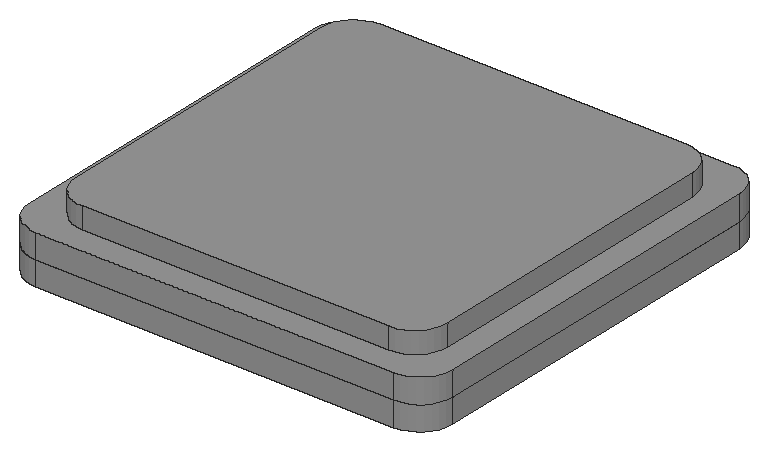
Revit family "FMS2_63_UN_Surface-mounted_ETK", category Lighting Fixtures, Revit 2019 (continued)
Definition of nested family "FMS.2 - Lightsource"
  Types (14, lengths in mm): name | Wattage Comments | Wattage | built-in parameter 1150134 | Photometric Web File | built-in parameter 1150142 | built-in parameter 1150105 | Lumens | built-in parameter 1150107 | built-in parameter 1150106 | Apparent Load
    FMS.1400.10N - Ø400 / 38W / 2800lm / 3000K | "38W" | 18.8499 W | (empty or 0) | "FMS.1400.10N.IES" | "IESNA:LM-63-2002\r\n[TEST] /2015\r\n[TESTLAB] ies2eulumdat.appspot.com\r\n[ISSUEDATE] 2021-10-05T13:47:07.849\r\n[MANUFAC] www.etk.nl\r\n[LUMCAT] FMS.1400.10N\r\n[LUMINAIRE] FMS.1 LED 38W 3000K 2800lm nood ø400 Ledeshi Slice circle IV emergency\r\n[LAMPCAT] LED\r\n[LAMP] LED\r\nTILT=NONE\r\n1\t2862\t1\t181\t72\t1\t2\t-0.400\t-0.400\t0\r\n1.0\t1.0\t36.10\r\n0\t 0.5\t 1\t 1.5\t 2\t 2.5\t 3\t 3.5\t 4\t 4.5\r\n5\t 5.5\t 6\t 6.5\t 7\t 7.5\t 8\t 8.5\t 9\t 9.5\r\n10\t 10.5\t 11\t 11.5\t 12\t 12.5\t 13\t 13.5\t 14\t 14.5\r\n15\t 15.5\t 16\t 16.5\t 17\t 17.5\t 18\t 18.5\t 19\t 19.5\r\n20\t 20.5\t 21\t 21.5\t 22\t 22.5\t 23\t 23.5\t 24\t 24.5\r\n25\t 25.5\t 26\t 26.5\t 27\t 27.5\t 28\t 28.5\t 29\t 29.5\r\n30\t 30.5\t 31\t 31.5\t 32\t 32.5\t 33\t 33.5\t 34\t 34.5\r\n35\t 35.5\t 36\t 36.5\t 37\t 37.5\t 38\t 38.5\t 39\t 39.5\r\n40\t 40.5\t 41\t 41.5\t 42\t 42.5\t 43\t 43.5\t 44\t 44.5\r\n45\t 45.5\t 46\t 46.5\t 47\t 47.5\t 48\t 48.5\t 49\t 49.5\r\n50\t 50.5\t 51\t 51.5\t 52\t 52.5\t 53\t 53.5\t 54\t 54.5\r\n55\t 55.5\t 56\t 56.5\t 57\t 57.5\t 58\t 58.5\t 59\t 59.5\r\n60\t 60.5\t 61\t 61.5\t 62\t 62.5\t 63\t 63.5\t 64\t 64.5\r\n65\t 65.5\t 66\t 66.5\t 67\t 67.5\t 68\t 68.5\t 69\t 69.5\r\n70\t 70.5\t 71\t 71.5\t 72\t 72.5\t 73\t 73.5\t 74\t 74.5\r\n75\t 75.5\t 76\t 76.5\t 77\t 77.5\t 78\t 78.5\t 79\t 79.5\r\n80\t 80.5\t 81\t 81.5\t 82\t 82.5\t 83\t 83.5\t 84\t 84.5\r\n85\t 85.5\t 86\t 86.5\t 87\t 87.5\t 88\t 88.5\t 89\t 89.5\r\n90\r\n0\t 5\t 10\t 15\t 20\t 25\t 30\t 35\t 40\t 45\r\n50\t 55\t 60\t 65\t 70\t 75\t 80\t 85\t 90\t 95\r\n100\t 105\t 110\t 115\t 120\t 125\t 130\t 135\t 140\t 145\r\n150\t 155\t 160\t 165\t 170\t 175\t 180\t 185\t 190\t 195\r\n200\t 205\t 210\t 215\t 220\t 225\t 230\t 235\t 240\t 245\r\n250\t 255\t 260\t 265\t 270\t 275\t 280\t 285\t 290\t 295\r\n300\t 305\t 310\t 315\t 320\t 325\t 330\t 335\t 340\t 345\r\n350\t 355\r\n985.6728\t985.6728\t985.3866\t985.1004\t984.528\t984.528\t984.2418\t983.9556\t983.6694\t982.5246\r\n981.3798\t981.0936\t980.5212\t979.3764\t978.2316\t976.8006\t975.3696\t973.9386\t972.7938\t971.0766\r\n969.3594\t967.9284\t966.2112\t963.9216\t961.632\t959.6286\t957.6252\t955.6218\t953.6184\t951.0426\r\n948.4668\t945.6048\t942.7428\t940.167\t937.5912\t934.1568\t930.4362\t927.5742\t924.426\t921.564\r\n918.4158\t914.9814\t911.2608\t907.5402\t903.8196\t900.3852\t896.6646\t892.6578\t888.3648\t884.0718\r\n879.4926\t875.4858\t871.1928\t866.8998\t862.3206\t857.7414\t853.1622\t848.2968\t843.1452\t838.566\r\n833.7006\t828.549\t823.3974\t818.532\t813.6666\t808.8012\t803.6496\t798.2118\t792.774\t787.05\r\n781.326\t775.602\t770.1642\t763.8678\t757.8576\t752.706\t747.2682\t741.258\t734.9616\t728.6652\r\n722.3688\t716.3586\t710.6346\t704.3382\t698.0418\t691.4592\t685.1628\t678.5802\t671.9976\t665.415\r\n658.8324\t652.2498\t645.381\t638.7984\t632.2158\t625.0608\t617.9058\t611.037\t604.1682\t597.2994\r\n590.1444\t583.2756\t576.1206\t568.9656\t561.5244\t554.3694\t547.2144\t539.7732\t532.0458\t525.177\r\n518.022\t510.2946\t502.281\t494.8398\t487.3986\t479.6712\t472.23\t464.5026\t456.489\t448.7616\r\n441.3204\t433.3068\t425.5794\t417.852\t410.1246\t402.3972\t394.3836\t386.37\t378.0702\t370.0566\r\n362.3292\t354.3156\t346.5882\t338.5746\t330.561\t322.5474\t314.5338\t306.5202\t298.5066\t290.493\r\n282.5653\t274.6375\t266.7384\t258.8965\t251.0546\t243.2414\t235.4567\t227.758\t220.0592\t212.3032\r\n204.5185\t197.0487\t189.6075\t182.3094\t175.0399\t167.7704\t160.501\t153.4891\t146.4772\t139.6656\r\n132.854\t126.2428\t119.6602\t113.278\t106.9243\t100.7424\t94.5605\t88.6934\t82.8549\t77.1023\r\n71.3783\t66.0836\t60.8175\t55.7518\t50.6574\t46.4789\t42.2717\t39.4384\t36.605\t35.8609\r\n35.1167\r\n985.6728\t985.3866\t985.3866\t984.8142\t984.528\t984.2418\t983.9556\t983.3832\t983.097\t981.9522\r\n980.8074\t980.235\t979.6626\t978.5178\t977.373\t975.6558\t974.2248\t973.08\t971.649\t969.9318\r\n968.2146\t966.4974\t965.0664\t962.7768\t960.4872\t958.1976\t956.1942\t953.9046\t951.9012\t949.3254\r\n946.7496\t943.8876\t941.0256\t938.4498\t935.874\t932.4396\t929.0052\t925.857\t922.7088\t919.5606\r\n916.4124\t912.978\t909.2574\t905.5368\t901.8162\t898.0956\t894.6612\t890.3682\t886.3614\t881.7822\r\n877.203\t873.1962\t868.9032\t864.6102\t860.031\t855.4518\t850.8726\t846.0072\t841.1418\t836.5626\r\n831.6972\t826.5456\t821.1078\t816.2424\t811.377\t806.2254\t801.0738\t795.9222\t790.4844\t785.0466\r\n779.3226\t773.8848\t768.1608\t762.1506\t756.1404\t750.4164\t745.2648\t739.2546\t732.9582\t726.948\r\n720.6516\t714.6414\t708.6312\t702.621\t696.3246\t690.0282\t683.4456\t677.1492\t670.5666\t663.984\r\n657.6876\t650.8188\t643.95\t637.3674\t630.7848\t623.916\t617.0472\t610.1784\t603.3096\t596.4408\r\n589.2858\t582.417\t575.5482\t568.3932\t560.952\t553.797\t546.642\t539.487\t532.0458\t524.8908\r\n517.4496\t510.0084\t502.5672\t495.126\t487.6848\t479.9574\t472.23\t464.5026\t457.3476\t449.9064\r\n442.179\t434.4516\t426.7242\t418.9968\t411.2694\t403.542\t395.8146\t388.0872\t379.7874\t371.7738\r\n363.474\t355.4604\t347.4468\t339.147\t331.1334\t323.1198\t314.82\t306.5202\t298.5066\t290.7792\r\n282.6225\t274.5517\t266.6239\t258.7534\t250.9115\t243.1269\t235.3423\t227.5862\t219.9161\t212.2745\r\n204.7189\t197.2777\t189.8937\t182.6528\t175.2116\t167.8849\t160.6441\t153.5463\t146.5344\t139.8373\r\n133.2547\t126.8438\t120.5761\t114.251\t107.0674\t99.7407\t92.3567\t84.6007\t76.4154\t67.9153\r\n59.7013\t52.0312\t45.1337\t39.5242\t34.7733\t31.5392\t28.8203\t26.2045\t23.7489\t3.3256\r\n0\r\n985.6728\t985.3866\t985.1004\t984.8142\t984.2418\t983.9556\t983.3832\t983.097\t982.5246\t981.666\r\n980.235\t979.6626\t979.0902\t977.9454\t976.5144\t975.0834\t973.3662\t972.2214\t970.7904\t969.0732\r\n967.356\t965.6388\t963.9216\t961.9182\t959.6286\t957.339\t955.3356\t953.046\t950.7564\t948.1806\r\n945.6048\t943.029\t940.167\t937.305\t934.7292\t931.581\t928.1466\t924.9984\t921.8502\t918.4158\r\n915.2676\t912.1194\t908.3988\t904.9644\t900.9576\t897.237\t893.5164\t889.7958\t885.789\t881.496\r\n876.9168\t872.3376\t868.3308\t864.324\t859.7448\t855.1656\t850.5864\t846.0072\t841.428\t836.8488\r\n831.9834\t827.118\t821.9664\t816.5286\t811.6632\t806.7978\t801.6462\t796.4946\t791.0568\t785.619\r\n780.4674\t775.3158\t769.5918\t763.8678\t758.1438\t752.4198\t746.6958\t741.258\t735.534\t729.2376\r\n723.2274\t717.2172\t711.4932\t705.483\t699.4728\t693.4626\t687.1662\t680.5836\t674.2872\t667.9908\r\n661.6944\t655.398\t648.5292\t641.3742\t633.933\t627.0642\t620.4816\t613.0404\t605.8854\t598.7304\r\n591.5754\t584.4204\t577.2654\t570.1104\t562.9554\t555.228\t547.5006\t540.0594\t532.9044\t525.4632\r\n517.7358\t510.0084\t502.5672\t495.126\t487.6848\t479.9574\t472.23\t464.5026\t456.7752\t449.0478\r\n441.6066\t434.1654\t426.1518\t418.4244\t410.697\t402.9696\t395.2422\t387.2286\t379.5012\t371.7738\r\n363.474\t355.4604\t347.1606\t339.147\t330.8472\t322.8336\t315.1062\t307.0926\t299.079\t291.3516\r\n283.338\t275.5247\t267.7401\t260.0127\t252.4284\t244.93\t237.4888\t229.7614\t221.7764\t213.82\r\n206.0068\t198.3938\t190.8954\t183.4542\t176.0989\t168.858\t161.8461\t154.777\t147.7364\t140.8963\r\n134.1419\t127.4162\t120.7192\t114.0793\t106.495\t98.3956\t90.4392\t82.6832\t75.1561\t68.1156\r\n61.7333\t55.6087\t49.7988\t44.4469\t40.1825\t36.0612\t32.083\t21.5108\t4.4332\t0\r\n0\r\n985.6728\t985.3866\t985.1004\t984.528\t983.9556\t983.6694\t983.097\t982.8108\t982.2384\t981.0936\r\n979.9488\t979.0902\t978.2316\t977.373\t975.942\t974.511\t972.7938\t971.3628\t970.218\t968.5008\r\n966.7836\t965.0664\t963.3492\t961.3458\t959.0562\t957.0528\t954.7632\t952.4736\t950.184\t947.8944\r\n945.3186\t942.7428\t939.8808\t937.0188\t934.1568\t931.581\t928.4328\t924.9984\t921.8502\t918.702\r\n915.2676\t912.1194\t908.9712\t905.2506\t901.8162\t897.8094\t894.0888\t890.3682\t886.6476\t882.6408\r\n878.3478\t873.7686\t869.4756\t865.4688\t861.7482\t857.169\t852.5898\t848.0106\t843.4314\t839.1384\r\n834.5592\t829.98\t825.1146\t819.963\t814.8114\t809.946\t805.0806\t800.2152\t795.0636\t789.3396\r\n783.6156\t777.8916\t772.4538\t767.016\t760.7196\t754.4232\t748.413\t742.4028\t736.3926\t730.3824\r\n723.7998\t717.2172\t710.9208\t704.6244\t698.328\t692.3178\t686.0214\t679.1526\t672.57\t665.7012\r\n659.1186\t652.536\t645.9534\t639.3708\t632.7882\t625.6332\t618.4782\t611.8956\t605.0268\t598.158\r\n591.2892\t584.1342\t576.9792\t569.8242\t562.9554\t556.0866\t548.9316\t541.4904\t534.3354\t526.8942\r\n519.453\t512.0118\t504.2844\t496.2708\t488.5434\t480.816\t473.0886\t465.6474\t458.2062\t450.1926\r\n442.179\t434.4516\t426.7242\t418.9968\t411.2694\t403.542\t395.8146\t388.3734\t380.646\t372.9186\r\n365.1912\t357.4638\t349.4502\t341.4366\t333.1368\t325.1232\t316.8234\t308.5236\t300.51\t292.4964\r\n284.4828\t276.5837\t268.7704\t261.0144\t253.3156\t245.7027\t237.9753\t229.9903\t222.2057\t214.5928\r\n207.0371\t199.5673\t192.1833\t184.9138\t177.7302\t170.6897\t163.5633\t156.4942\t149.5395\t142.7279\r\n136.0309\t129.391\t122.8657\t116.4262\t109.586\t102.7458\t95.9342\t89.1799\t82.4542\t75.7858\r\n69.6897\t63.8512\t58.1558\t52.5463\t47.0513\t39.1808\t22.8817\t6.5998\t0\t0\r\n0\r\n985.6728\t985.3866\t984.8142\t984.2418\t983.6694\t983.3832\t982.8108\t982.2384\t981.666\t980.8074\r\n979.6626\t978.5178\t977.6592\t976.8006\t975.6558\t974.2248\t972.5076\t970.7904\t969.6456\t968.2146\r\n966.4974\t964.7802\t962.7768\t961.0596\t959.0562\t956.7666\t954.7632\t952.4736\t950.184\t947.6082\r\n945.3186\t942.7428\t940.167\t937.5912\t934.7292\t931.8672\t929.0052\t926.1432\t922.995\t919.8468\r\n916.4124\t913.2642\t910.116\t906.9678\t903.5334\t899.8128\t896.0922\t892.3716\t888.9372\t885.2166\r\n881.2098\t876.9168\t872.6238\t868.3308\t864.324\t860.3172\t855.4518\t850.5864\t845.4348\t840.2832\r\n835.4178\t830.2662\t825.4008\t819.963\t814.5252\t809.0874\t803.6496\t798.2118\t792.774\t787.3362\r\n781.6122\t775.8882\t770.1642\t764.4402\t758.7162\t752.9922\t747.2682\t741.258\t735.2478\t729.2376\r\n723.2274\t717.2172\t711.207\t704.9106\t698.328\t692.3178\t686.0214\t680.0112\t674.2872\t667.9908\r\n661.4082\t654.8256\t648.243\t641.6604\t635.0778\t628.209\t621.054\t613.899\t606.744\t599.3028\r\n592.1478\t584.9928\t578.124\t570.969\t563.5278\t556.0866\t548.6454\t541.2042\t534.0492\t526.608\r\n519.453\t512.298\t505.143\t497.7018\t490.2606\t482.8194\t475.6644\t468.2232\t461.0682\t453.627\r\n445.3272\t437.0274\t429.0138\t421.0002\t413.2728\t404.973\t396.6732\t388.6596\t380.9322\t372.9186\r\n364.905\t357.1776\t349.164\t341.4366\t333.7092\t325.9818\t317.9682\t309.9546\t301.941\t293.9274\r\n285.9997\t277.9861\t270.0583\t262.2451\t254.5463\t246.8761\t239.2918\t231.8506\t224.4953\t216.7965\r\n209.0977\t201.4848\t193.9577\t186.5738\t179.3329\t172.2352\t165.1946\t158.2686\t151.4284\t144.7313\r\n138.0915\t131.5375\t125.0408\t118.6299\t112.3049\t106.0657\t99.9124\t93.9022\t87.9206\t81.9391\r\n76.0147\t70.119\t64.2519\t58.4134\t42.7869\t26.1301\t9.5047\t0\t0\t0\r\n0\r\n985.6728\t985.3866\t984.8142\t984.2418\t983.6694\t983.097\t982.5246\t981.9522\t981.3798\t980.8074\r\n979.3764\t978.2316\t977.373\t976.5144\t975.0834\t973.9386\t972.5076\t970.7904\t969.0732\t967.9284\r\n966.4974\t964.7802\t962.7768\t961.0596\t959.3424\t957.339\t955.0494\t952.7598\t950.7564\t948.4668\r\n945.891\t943.3152\t941.0256\t938.4498\t935.874\t933.012\t930.4362\t927.5742\t924.7122\t921.8502\r\n918.9882\t915.5538\t912.1194\t909.2574\t906.1092\t902.6748\t898.9542\t894.6612\t890.082\t885.789\r\n881.2098\t876.9168\t872.3376\t867.4722\t862.6068\t857.7414\t852.876\t848.2968\t844.0038\t838.8522\r\n833.7006\t828.8352\t823.9698\t818.8182\t813.6666\t808.515\t803.3634\t797.9256\t792.4878\t787.3362\r\n781.8984\t776.4606\t771.0228\t765.585\t760.1472\t754.4232\t748.9854\t743.2614\t737.2512\t731.5272\r\n726.0894\t720.3654\t714.069\t707.7726\t701.19\t694.6074\t687.7386\t680.8698\t674.001\t667.4184\r\n660.8358\t654.2532\t647.6706\t641.088\t634.2192\t627.3504\t620.4816\t613.6128\t606.744\t599.8752\r\n593.0064\t586.1376\t579.2688\t572.4\t565.5312\t558.6624\t552.0798\t545.4972\t538.3422\t530.3286\r\n522.315\t514.5876\t506.574\t498.8466\t490.833\t483.1056\t475.3782\t467.937\t460.2096\t452.4822\r\n444.4686\t436.7412\t429.3\t421.5726\t414.1314\t406.404\t398.6766\t390.9492\t382.9356\t374.922\r\n366.9084\t358.6086\t350.595\t342.5814\t334.854\t326.8404\t319.113\t311.0994\t303.372\t295.6446\r\n287.9172\t280.4474\t272.4338\t264.4774\t256.5783\t248.7364\t240.9518\t233.253\t225.6401\t218.0844\r\n210.586\t203.1734\t195.8467\t188.6344\t181.5653\t174.5248\t167.5701\t160.6727\t153.8611\t147.1354\r\n140.467\t133.8557\t127.3304\t121.0626\t115.0238\t109.0422\t103.0892\t97.1935\t91.3264\t85.5166\r\n79.7353\t73.9827\t62.5633\t45.9637\t29.3355\t12.7245\t0\t0\t0\t0\r\n0\r\n985.6728\t985.1004\t984.8142\t984.2418\t983.3832\t982.8108\t982.2384\t981.666\t981.0936\t980.5212\r\n979.3764\t977.9454\t977.0868\t975.942\t975.0834\t973.6524\t972.5076\t970.7904\t969.0732\t967.6422\r\n966.2112\t965.0664\t963.063\t961.3458\t959.6286\t957.6252\t955.908\t953.6184\t951.615\t949.3254\r\n947.0358\t944.7462\t942.1704\t939.8808\t937.305\t935.0154\t932.4396\t929.8638\t927.0018\t924.1398\r\n920.4192\t916.6986\t912.978\t908.9712\t904.6782\t900.6714\t896.9508\t892.6578\t888.3648\t884.358\r\n879.7788\t875.4858\t871.1928\t866.8998\t862.3206\t857.4552\t852.5898\t847.7244\t843.1452\t838.566\r\n833.9868\t829.4076\t824.5422\t819.6768\t814.8114\t809.946\t805.0806\t799.929\t794.7774\t789.6258\r\n784.4742\t779.3226\t774.171\t768.447\t762.1506\t756.1404\t749.844\t743.8338\t737.8236\t731.5272\r\n725.517\t719.2206\t712.638\t706.0554\t700.0452\t693.7488\t687.4524\t681.156\t674.8596\t668.5632\r\n662.2668\t655.6842\t649.1016\t642.519\t636.2226\t629.9262\t623.6298\t617.0472\t610.1784\t603.0234\r\n595.8684\t588.7134\t580.986\t573.5448\t566.1036\t558.6624\t550.935\t543.4938\t536.0526\t528.8976\r\n521.4564\t514.0152\t506.574\t499.1328\t491.9778\t484.5366\t477.0954\t469.9404\t462.4992\t454.7718\r\n446.7582\t438.7446\t430.731\t422.7174\t414.99\t406.9764\t399.249\t391.5216\t383.508\t375.7806\r\n368.0532\t360.3258\t352.5984\t345.1572\t337.716\t329.9886\t321.6888\t313.389\t305.3754\t297.3618\r\n289.3482\t281.4491\t273.55\t265.7653\t258.0093\t250.3391\t242.7262\t235.1419\t227.6149\t220.1737\r\n212.7897\t205.463\t198.1935\t190.9813\t183.8263\t176.7285\t169.688\t162.6761\t155.7214\t148.824\r\n142.2414\t135.8878\t129.5914\t123.3236\t117.113\t110.9311\t104.7778\t98.6818\t92.5857\t86.5469\r\n79.7639\t63.7654\t47.7954\t31.8254\t15.8383\t0\t0\t0\t0\t0\r\n0\r\n985.6728\t985.1004\t984.528\t983.9556\t983.3832\t982.5246\t981.9522\t981.3798\t980.8074\t979.9488\r\n979.3764\t977.9454\t976.8006\t975.6558\t974.7972\t973.6524\t972.2214\t971.0766\t969.3594\t967.6422\r\n966.2112\t965.0664\t963.6354\t961.9182\t960.201\t958.1976\t956.4804\t954.7632\t952.7598\t950.7564\r\n948.753\t946.4634\t944.1738\t941.8842\t939.3084\t936.1602\t932.7258\t929.5776\t925.857\t922.4226\r\n918.702\t914.9814\t911.2608\t907.5402\t903.8196\t899.8128\t895.806\t891.7992\t887.7924\t883.7856\r\n879.7788\t875.4858\t871.1928\t866.8998\t862.6068\t858.3138\t854.0208\t849.7278\t844.8624\t840.2832\r\n835.4178\t830.8386\t826.2594\t821.9664\t817.6734\t812.808\t807.084\t801.36\t795.636\t790.1982\r\n784.4742\t778.464\t772.74\t767.016\t761.0058\t754.9956\t748.9854\t743.2614\t737.5374\t731.5272\r\n725.517\t719.5068\t713.4966\t707.4864\t701.7624\t695.7522\t690.0282\t683.7318\t677.7216\t671.4252\r\n665.415\t658.5462\t651.6774\t644.5224\t637.6536\t630.4986\t623.3436\t616.1886\t609.0336\t601.8786\r\n594.7236\t587.5686\t580.6998\t573.5448\t566.3898\t559.2348\t552.0798\t544.9248\t537.7698\t530.6148\r\n523.4598\t516.3048\t508.8636\t501.1362\t493.4088\t485.6814\t477.954\t470.2266\t462.4992\t454.7718\r\n447.0444\t439.317\t431.5896\t424.1484\t416.421\t408.9798\t401.5386\t394.0974\t386.37\t378.6426\r\n370.629\t362.6154\t354.3156\t346.302\t338.2884\t330.2748\t322.2612\t314.5338\t306.8064\t298.7928\r\n291.0654\t283.3952\t275.6678\t267.9977\t260.2989\t252.6574\t245.0444\t237.4601\t229.9617\t222.4919\r\n215.0507\t207.6953\t200.34\t193.0705\t185.8297\t178.6174\t171.4338\t164.565\t157.9538\t151.3712\r\n144.8458\t138.3491\t131.8523\t125.4128\t119.002\t112.5911\t106.2088\t99.8552\t93.5302\t82.0822\r\n66.4556\t50.8291\t35.2026\t19.5961\t3.9753\t0\t0\t0\t0\t0\r\n0\r\n985.6728\t985.1004\t984.528\t983.9556\t983.097\t982.5246\t981.9522\t981.0936\t980.5212\t979.6626\r\n979.0902\t977.9454\t976.8006\t975.6558\t974.511\t973.3662\t972.2214\t971.0766\t969.9318\t968.2146\r\n966.7836\t965.0664\t963.6354\t962.4906\t961.0596\t959.3424\t957.6252\t955.908\t954.1908\t952.4736\r\n950.4702\t948.1806\t945.0324\t941.8842\t938.4498\t935.0154\t931.581\t927.8604\t924.7122\t921.2778\r\n917.8434\t914.1228\t910.4022\t906.6816\t903.2472\t899.8128\t895.806\t892.0854\t888.3648\t884.358\r\n880.3512\t876.3444\t872.3376\t868.617\t864.324\t860.031\t855.738\t851.7312\t847.4382\t843.1452\r\n838.2798\t833.1282\t827.4042\t821.6802\t815.9562\t810.5184\t805.3668\t799.929\t794.7774\t789.3396\r\n784.188\t778.464\t772.4538\t767.016\t761.292\t755.8542\t750.4164\t744.6924\t739.2546\t733.5306\r\n727.8066\t721.7964\t716.0724\t710.3484\t704.6244\t697.7556\t691.173\t684.3042\t677.7216\t670.8528\r\n663.984\t657.1152\t650.5326\t643.95\t637.0812\t630.2124\t623.0574\t616.1886\t609.606\t602.7372\r\n596.1546\t589.2858\t582.417\t575.262\t568.3932\t561.5244\t554.0832\t546.642\t538.9146\t531.4734\r\n524.0322\t516.591\t508.8636\t501.4224\t493.9812\t486.54\t478.8126\t471.3714\t463.9302\t456.489\r\n449.0478\t441.6066\t434.1654\t427.0104\t419.283\t410.9832\t402.9696\t395.2422\t387.2286\t379.215\r\n371.2014\t363.1878\t355.4604\t347.4468\t339.7194\t331.7058\t323.9784\t316.251\t308.5236\t300.7962\r\n293.0688\t285.3128\t277.5854\t269.9152\t262.2451\t254.6321\t247.0478\t239.4635\t231.9079\t224.3808\r\n216.911\t209.4698\t202.0286\t194.6446\t187.461\t180.6208\t173.8093\t167.0263\t160.272\t153.5463\r\n146.8492\t140.1521\t133.5123\t126.8725\t120.2612\t113.6786\t107.096\t100.5421\t85.7169\t70.2907\r\n54.8932\t39.4956\t24.078\t8.669\t0\t0\t0\t0\t0\t0\r\n0\r\n985.6728\t985.1004\t984.528\t983.9556\t983.097\t982.5246\t9
